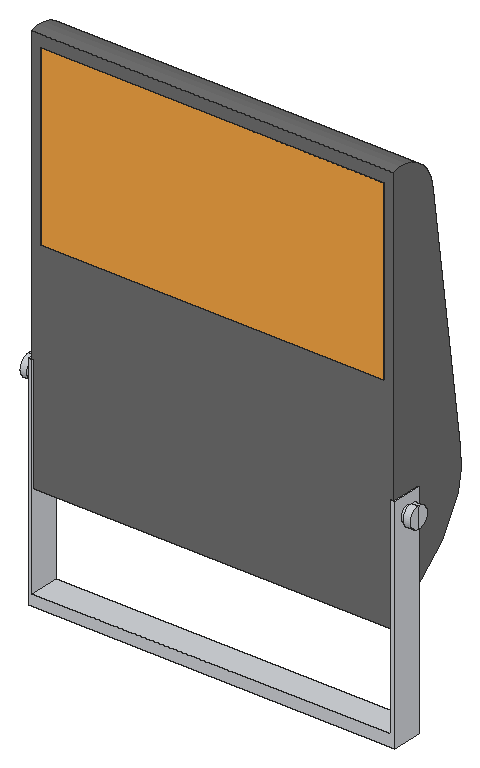
Revit family "Lighting-Floodlights-GEWISS-ELIA-FL-LED_FLOODLIGHTS", category Apparecchi per illuminazione, host Superficie, Revit 2019
Family settings
  Host = Superficie
  Quota connettore circolare = Usa diametro
  Tipo di parte = Normale
  Taglio con vuoti quando caricato = No
  Sorgente d'illuminazione = Sì
  Condiviso = No
  Punto di calcolo locali = Sì
Parameters (values of type "GWF1101VH840 - ELIA FL XL2 60° 40K S.ALONE DALI CRI80")
  larghezza lampada = Lugnezza massima - 24 mm  # 309 mm
  corpo centrale = corpo centrale
  Working temperature = "-30° +50°"
  Weight (kg): = "6,3"
  Weight (kg) = "6,3"
  Wattage = 9.2903 W
  Warranty = "5 years"
  Voltage = "220-240 V "
  Visibilità etichetta [instance] = yes
  Visibilità simbolo [instance] = yes
  Visibilità lampada in pianta [instance] = yes
  Version file RFA = "20.0"
  Variazione temperatura colore lampada con luminosità attenuata = (empty or 0)
  URL = "https://www.gewiss.com/ww/en"
  UGR: = ""
  Typology = "Ceiling - Wall mounted - Floor mounted"
  Type of light source = "LED - Not replaceable"
  Type of lamp = "LED"
  built-in parameter 1150107 = 3200 (stored number, unit not read)
  Technical sheet = "https://www.gewiss.com/ww/en/search?q=GWF1101VH840"
  System power = "200W"
  Spostamento_x_effettivo [instance] = 4000 mm - Spostamento_x  # 4000 mm
  Spostamento_x [instance] = 0 mm
  Spostamento_y_effettivo [instance] = 4000 mm - Spostamento_y  # 3300 mm
  Spostamento_y [instance] = 700 mm
  Shock resistance = "IK08"
  SEO = "Ceiling - Wall mounted - Floor mounted"
  SCHERMO LED = SCHERMO LED
  Realized by GEWISS S.p.A. = ""
  ROTAZIONE 90° [instance] = yes
  ROTAZIONE 45 [instance] = no
  ROTAZIONE 180 [instance] = no
  ROTAZIONE [instance] = 45
  built-in parameter 1150110 = 1 (stored number, unit not read)
  built-in parameter 1150109 = 1 (stored number, unit not read)
  built-in parameter 1114218 = 1 (stored number, unit not read)
  built-in parameter 1150112 = 1 (stored number, unit not read)
  POSIZIONE = 80000  # constant formula
  Optic = "60°"
  Operating temperature: = "-30° +50°"
  built-in parameter 1150142 = (empty or 0)
  built-in parameter 1150137 = (empty or 0)
  built-in parameter 1150132 = (empty or 0)
  Luminous flux in emerg. [lm] = ""
  Lumen output (lm) = "27100"
  Lugnezza massima = 333 mm
  Lamp = "LED"
  LED Life time (L80B50) = "L80 B50 (Tq25°) = 50.000h"
  built-in parameter 1150105 = 109.82 (stored number, unit not read)
  built-in parameter 1150102 = (empty or 0)
  Insulation class = "I"
  Installation = "Ceiling - Wall mounted - Floor mounted"
  built-in parameter 1150106 = 1.0982 (stored number, unit not read)
  Default Elevation = 1219.2 mm
  Produttore = "GEWISS S.p.A."
  Nome quadro [instance] = "330W"
  Modello = "GWF1101VH840"
  Immagine tipo = ELIA_FL.jpg
  IP degree = "IP66"
  IDT = "08d4067e-aa8b-4311-88ca-8e9b92cfb5d6"
  IDF = "9d762338-a2cc-40c3-b8d8-06a156f47047"
  Lumens = 1380 lm
  Color Filter = 16777215
  File diagramma fotometrico = "generic"
  built-in parameter 1114217 = 1 (stored number, unit not read)
  built-in parameter 1150139 = (empty or 0)
  Emit from Line Length = 609.6 mm
  Electrocod = ""
  Efficiency class of integrated LEDs = ""
  built-in parameter 1150104 = 13.8 (stored number, unit not read)
  EAN code = ""
  Driver type = ""
  Distanza dal host [instance] = 0 mm
  built-in parameter 1150115 = 1 (stored number, unit not read)
  built-in parameter 1150114 = 1 (stored number, unit not read)
  built-in parameter 1150113 = 1 (stored number, unit not read)
  Dimensions (mm) = "Standard"
  Description = "ELIA FL XL2 60° 40K S.ALONE DALI CRI80"
  Colour temperature: = "4000K"
  Colour temperature = "4000K"
  Colour = "Black"
  built-in parameter 1150134 = 3
  built-in parameter 1150138 = (empty or 0)
  Catalogue Range = "ELIA FL"
  Catalogue = "LIGHTING"
  COBie.Tagnumber = ""
  COBie.CreatedOn = ""
  COBie.CreatebBy = ""
  COBie.ComponentRegisterItemID = ""
  COBie.Component.TagNumber = ""
  COBie.Component.Space = ""
  COBie.Component.SerialNumber = ""
  COBie.Component.InstallationDate = ""
  COBie.Component.Description = ""
  COBie.Component.BarCode = ""
  BORDO = BORDO
  Application = "Indoor / Outdoor"
  Tilt Angle = 60.00°
  built-in parameter 1150133 = 10 (stored number, unit not read)
Types (21, lengths in mm): name | Weight (kg): | Weight (kg) | Voltage | Variazione temperatura colore lampada con luminosità attenuata | Technical sheet | System power | Optic | built-in parameter 1150142 | Lumen output (lm) | Modello | IDT | File diagramma fotometrico | Description
  GWF1101QF840 - ELIA FL L2 30° 40K S.ALONE DALI CRI80 | "4,5" | "4,5" | "220-240 V " | (empty or 0) | "https://www.gewiss.com/ww/en/search?q=GWF1101QF840" | "150W" | "30°" | (empty or 0) | "19900" | "GWF1101QF840" | "367e2f34-7e4c-4817-9a39-466d26065c96" | "generic" | "ELIA FL L2 30° 40K S.ALONE DALI CRI80"
  GWF1100QF840 - ELIA FL L2 30° 40K S.ALONE ON/OFF CRI80 | "4,5" | "4,5" | "100-240 V " | (empty or 0) | "https://www.gewiss.com/ww/en/search?q=GWF1100QF840" | "150W" | "30°" | (empty or 0) | "19900" | "GWF1100QF840" | "d267a62e-1b8e-4435-86cd-51657c60921d" | "generic" | "ELIA FL L2 30° 40K S.ALONE ON/OFF CRI80"
  GWF1101QH840 - ELIA FL L2 60° 40K S.ALONE DALI CRI80 | "4,5" | "4,5" | "220-240 V " | (empty or 0) | "https://www.gewiss.com/ww/en/search?q=GWF1101QH840" | "150W" | "60°" | (empty or 0) | "20400" | "GWF1101QH840" | "f5c45042-fc2a-404f-9454-9960ac2dadf8" | "generic" | "ELIA FL L2 60° 40K S.ALONE DALI CRI80"
  GWF1100QH840 - ELIA FL L2 60° 40K S.ALONE ON/OFF CRI80 | "4,5" | "4,5" | "100-240 V " | (empty or 0) | "https://www.gewiss.com/ww/en/search?q=GWF1100QH840" | "150W" | "60°" | (empty or 0) | "20400" | "GWF1100QH840" | "736a9896-0f9f-407e-aa43-3249926a8169" | "generic" | "ELIA FL L2 60° 40K S.ALONE ON/OFF CRI80"
  GWF1101QC840 - ELIA FL L2 AS 40K S.ALONE DALI CRI80 | "4,5" | "4,5" | "220-240 V " | <Nessuno> | "https://www.gewiss.com/ww/en/search?q=GWF1101QC840" | "150W" | "Asymmetrical" | (empty or 0) | "19600" | "GWF1101QC840" | "4dff8ad4-19cf-4301-b258-840ff07e9c6c" | "generic" | "ELIA FL L2 AS 40K S.ALONE DALI CRI80"
  GWF1100QC840 - ELIA FL L2 AS 40K S.ALONE ON/OFF CRI80 | "4,5" | "4,5" | "100-240 V " | <Nessuno> | "https://www.gewiss.com/ww/en/search?q=GWF1100QC840" | "150W" | "Asymmetrical" | (empty or 0) | "19600" | "GWF1100QC840" | "8453b747-ab64-462d-95c5-5f5a6b816301" | "generic" | "ELIA FL L2 AS 40K S.ALONE ON/OFF CRI80"
  GWF1101MF840 - ELIA FL M2 30° 40K S.ALONE DALI CRI80 | "3,9" | "3,9" | "220-240 V " | (empty or 0) | "https://www.gewiss.com/ww/en/search?q=GWF1101MF840" | "100W" | "30°" | (empty or 0) | "13400" | "GWF1101MF840" | "fe9dc423-a435-4442-97b4-d584315ac301" | "generic" | "ELIA FL M2 30° 40K S.ALONE DALI CRI80"
  GWF1100MF840 - ELIA FL M2 30° 40K S.ALONE ON/OFFCRI80 | "3,9" | "3,9" | "100-240 V " | (empty or 0) | "https://www.gewiss.com/ww/en/search?q=GWF1100MF840" | "100W" | "30°" | (empty or 0) | "13400" | "GWF1100MF840" | "7a9137ef-ea08-4c6c-ad39-45b1af0a12e7" | "generic" | "ELIA FL M2 30° 40K S.ALONE ON/OFFCRI80"
  GWF1101MH840 - ELIA FL M2 60° 40K S.ALONE DALI CRI80 | "3,9" | "3,9" | "220-240 V " | (empty or 0) | "https://www.gewiss.com/ww/en/search?q=GWF1101MH840" | "100W" | "60°" | (empty or 0) | "13400" | "GWF1101MH840" | "f38e1005-16fa-4907-8d91-49da337aeaa2" | "generic" | "ELIA FL M2 60° 40K S.ALONE DALI CRI80"
  GWF1100MH840 - ELIA FL M2 60° 40K S.ALONE ON/OFF CRI80 | "3,9" | "3,9" | "100-240 V " | (empty or 0) | "https://www.gewiss.com/ww/en/search?q=GWF1100MH840" | "100W" | "60°" | (empty or 0) | "13400" | "GWF1100MH840" | "f0014ff8-233d-45b7-a930-9b30d38dd0bc" | "generic" | "ELIA FL M2 60° 40K S.ALONE ON/OFF CRI80"
  GWF1101MC840 - ELIA FL M2 AS 40K S.ALONE DALI CRI80 | "3,9" | "3,9" | "220-240 V " | <Nessuno> | "https://www.gewiss.com/ww/en/search?q=GWF1101MC840" | "100W" | "Asymmetrical" | (empty or 0) | "13000" | "GWF1101MC840" | "d91a0c63-ae14-4639-ad6b-f02e7c364fec" | "generic" | "ELIA FL M2 AS 40K S.ALONE DALI CRI80"
  GWF1100MC840 - ELIA FL M2 AS 40K S.ALONE ON/OFFCRI80 | "3,9" | "3,9" | "100-240 V " | <Nessuno> | "https://www.gewiss.com/ww/en/search?q=GWF1100MC840" | "100W" | "Asymmetrical" | (empty or 0) | "13000" | "GWF1100MC840" | "736a89dc-2de5-4f0d-9b8c-faa0e4425d76" | "generic" | "ELIA FL M2 AS 40K S.ALONE ON/OFFCRI80"
  GWF1100GF840 - ELIA FL S2 30° 40K S.ALONE ON/OFF CRI80 | "2,6" | "2,6" | "100-240 V " | (empty or 0) | "https://www.gewiss.com/ww/en/search?q=GWF1100GF840" | "50W" | "30°" | (empty or 0) | "6600" | "GWF1100GF840" | "642770cb-14ce-48c6-a5e7-d28395466468" | "generic" | "ELIA FL S2 30° 40K S.ALONE ON/OFF CRI80"
  GWF1100GH840 - ELIA FL S2 60° 40K S.ALONE ON/OFF CRI80 | "2,6" | "2,6" | "100-240 V " | (empty or 0) | "https://www.gewiss.com/ww/en/search?q=GWF1100GH840" | "50W" | "60°" | (empty or 0) | "6600" | "GWF1100GH840" | "0d6f3a5d-91fb-40b6-bcf7-3fe0132917fa" | "generic" | "ELIA FL S2 60° 40K S.ALONE ON/OFF CRI80"
  GWF1100GC840 - ELIA FL S2 AS 40K S.ALONE ON/OFF CRI80 | "2,6" | "2,6" | "100-240 V " | <Nessuno> | "https://www.gewiss.com/ww/en/search?q=GWF1100GC840" | "50W" | "Asymmetrical" | "IESNA:LM-63-1995\r\n[LUMINAIRE] kronz light <kronz>\r\nTILT=NONE\r\n1\r\n1257.000000\r\n1.0\r\n2\r\n1\r\n1\r\n1\r\n0 0 0\r\n1.0 1.0 100.000000\r\n0.000 180.000 \r\n0.000 \r\n100.000 100.000 \r\n" | "6600" | "GWF1100GC840" | "91c36c3d-65a0-476a-85c0-37759d84a28b" | "generic.ies" | "ELIA FL S2 AS 40K S.ALONE ON/OFF CRI80"
  GWF1101VF840 - ELIA FL XL2 30° 40K S.ALONE DALI CRI80 | "6,3" | "6,3" | "220-240 V " | (empty or 0) | "https://www.gewiss.com/ww/en/search?q=GWF1101VF840" | "200W" | "30°" | (empty or 0) | "26600" | "GWF1101VF840" | "4404ac7d-f898-4bd8-b400-6c8713d21df9" | "generic" | "ELIA FL XL2 30° 40K S.ALONE DALI CRI80"
  GWF1100VF840 - ELIA FL XL2 30° 40K S.ALONE ON/OFF CRI80 | "6,3" | "6,3" | "100-240 V " | (empty or 0) | "https://www.gewiss.com/ww/en/search?q=GWF1100VF840" | "200W" | "30°" | (empty or 0) | "26600" | "GWF1100VF840" | "83ec5c55-1f8f-4d97-b5b8-6a661a005f86" | "generic" | "ELIA FL XL2 30° 40K S.ALONE ON/OFF CRI80"
  GWF1101VH840 - ELIA FL XL2 60° 40K S.ALONE DALI CRI80 | "6,3" | "6,3" | "220-240 V " | (empty or 0) | "https://www.gewiss.com/ww/en/search?q=GWF1101VH840" | "200W" | "60°" | (empty or 0) | "27100" | "GWF1101VH840" | "08d4067e-aa8b-4311-88ca-8e9b92cfb5d6" | "generic" | "ELIA FL XL2 60° 40K S.ALONE DALI CRI80"
  GWF1100VH840 - ELIA FL XL2 60° 40K S.ALONE ON/OFF CRI80 | "6,3" | "6,3" | "100-240 V " | (empty or 0) | "https://www.gewiss.com/ww/en/search?q=GWF1100VH840" | "200W" | "60°" | (empty or 0) | "27100" | "GWF1100VH840" | "7e89fb8a-4393-4570-9a10-d013bbe7f011" | "generic" | "ELIA FL XL2 60° 40K S.ALONE ON/OFF CRI80"
  GWF1101VC840 - ELIA FL XL2 AS 40K S.ALONE DALI CRI80 | "6,3" | "6,3" | "220-240 V " | <Nessuno> | "https://www.gewiss.com/ww/en/search?q=GWF1101VC840" | "200W" | "Asymmetrical" | (empty or 0) | "26000" | "GWF1101VC840" | "47ddd9c0-11b9-4947-bdc6-7290dd762a16" | "generic" | "ELIA FL XL2 AS 40K S.ALONE DALI CRI80"
  GWF1100VC840 - ELIA FL XL2 AS 40K S.ALONE ON/OFF CRI80 | "6,3" | "6,3" | "100-240 V " | <Nessuno> | "https://www.gewiss.com/ww/en/search?q=GWF1100VC840" | "200W" | "Asymmetrical" | (empty or 0) | "26000" | "GWF1100VC840" | "bafdcd8b-a7af-4b04-8dc2-ac79d390151f" | "generic" | "ELIA FL XL2 AS 40K S.ALONE ON/OFF CRI80"
Reference planes
  plane 1 "Centro (Fronte/Retro)": y = 0
  plane 2: z = 0
  plane 3 "Centro (Sinistra/Destra)": x = 0
  plane 4: x = -4000
  plane 5: x = 0
  plane 6: x = 0
  plane 7: z = 1200
  plane 8: y = -4000
  plane 9: y = -700
  plane 10: x = -484.286
  plane 11: y = -410.182
  plane 12: x = 484.286
  plane 13: y = 410.182
  plane 14: z = -80
  plane 15 "a": through (0, -290.182, 34.975) normal (0, -0.7071, 0.7071)
  plane 16: x = -166.5
  plane 17: x = 166.5
  plane 18: through (-235.047, -128.222, 1219.2) normal (-0.9563, 0.2924, 0)
  plane 19: through (-40, -89.462, 1219.2) normal (0.1564, 0.9877, 0)
  plane 20: through (239.503, 190.64, 1219.2) normal (0.9563, -0.2924, 0)
Lines and regions (mm)
  reference lines
    curve 1: line (-365.742, 0, 34.975) -> (143.375, 0, 544.092)
    curve 2: line (-206.5, 0, 174.371) -> (213.5, 0, 174.371)
    curve 3: line (0, 243.036, 174.371) -> (0, -271.964, 174.371)
Dimensions and locks
  plane 4 to plane 3 "Centro (Sinistra/Destra)" = 4000 mm  (x2)
  "Spostamento_x_effettivo": plane 4 to plane 5
  "Spostamento_x_effettivo": plane 6 to plane 4
  plane 7 to plane 2 = 1200 mm
  "Spostamento_y_effettivo": plane 9 to plane 8
  plane 1 "Centro (Fronte/Retro)" to plane 8 = 4000 mm
  equal spacing: plane 10, plane 3 "Centro (Sinistra/Destra)", plane 12
  equal spacing: plane 13, plane 1 "Centro (Fronte/Retro)", plane 11
  locked: level to plane 14 at 80
  plane 10 to plane 12 = 968.572 mm
  plane 13 to plane 11 = 820.364 mm
  equal spacing: plane 17, imposter light, plane 16
  "Lugnezza massima": plane 17 to plane 16
  angle host face to curve 1 = 45.00°
  angle plane 19 to plane 20 = 82.00°  (x2)
  angle plane 18 to plane 19 = 98.00°
  aligned and locked: plane 2 to host face
  aligned and locked: level to host face
  aligned and locked: plane 6 to nested 1
  aligned and locked: nested 1 to plane 9
  aligned and locked: plane 6 to nested 2
  aligned and locked: imposter light to nested 2
  aligned and locked: imposter light to nested 4
Automatic sketch dimensions
  host sketch curve to host sketch curve = 2438.4 mm  (x2)
  level to curve 1 = 34.975 mm
  plane 10 to curve 1 = 118.544 mm
  curve 2 to plane 3 "Centro (Sinistra/Destra)" = 206.5 mm
  plane 3 "Centro (Sinistra/Destra)" to curve 2 = 213.5 mm
  level to curve 2 = 174.371 mm
  plane 11 to curve 3 = 138.218 mm
  level to curve 3 = 174.371 mm
  curve 3 to plane 13 = 167.146 mm
Nested families
  nested 1: "Etichetta light" at (0, -700, 0), visible <- "Visibilità etichetta", type "Etichetta light"
  nested 2: "base_ELIA FL" at (0, 168.505, 277.908) x (1, 0, 0) z (0, -1, 0), visible <- "ROTAZIONE 90°", type "base_ELIA FL"
    with Larghezza_lampada 309 mm
  nested 3: "base_staffa_ELIA FL" at (0, 0, 0), type "base_staffa_ELIA FL"
  nested 4: "aaabase_ELIA FL" at (0, 103.538, 3.902), visible <- "ROTAZIONE 180", type "aaabase_ELIA FL"
    with Larghezza_lampada 309 mm
  nested 5: "aaabase_ELIA FL" at (0, 193.752, 127.043) x (1, 0, 0) z (0, -0.7071, 0.7071), visible <- "ROTAZIONE 45", type "aaabase_ELIA FL"
    with Larghezza_lampada 309 mm
Definition of nested family "base_ELIA FL"
  Parameters (values of type "base_ELIA FL")
    scocca = none
    led = none
    Spessore = 78 mm
    Default Elevation = 1219.2 mm
    Larghezza_lampada = 295 mm
    Altezza scocca = 188 mm
    Altezza lente = 162 mm
  Reference planes
    plane 1 "Centro (Fronte/Retro)": y = 0
    plane 2: z = 0
    plane 3 "Centro (Sinistra/Destra)": x = 0
    plane 4: x = -147.5
    plane 5: y = -193
    plane 6: x = 147.5
    plane 7: y = 170
    plane 8: x = -139.5
    plane 9: y = 162
    plane 10: y = -188
    plane 11: x = 139.5
    plane 12: z = 102.469
    plane 13: z = 180.469
    plane 14: y = 150.884
    plane 15: z = 153.363
    plane 16: z = 174.172
    plane 17 "az": y = -103.538
  Forms (mm)
    Extrusion 1, solid, material <- "scocca"
      sketch origin (0, 0, 0) x (1, 0, 0) y (0, 1, 0)
        loop
          line (-147.5, 170) -> (-147.5, -193) -> (147.5, -193) -> (147.5, 170) -> (-147.5, 170)
      from 102.469 to 180.469
    Extrusion 2, void
      sketch origin (0, 0, 0) x (0, 1, 0) y (0, 0, 1)
        loop
          arc (161.482, 180.469) -> (155.647, 151.842) -> (129.481, 138.847) r 33.282
          line (129.481, 138.847) -> (-78.476, 109.621)
          arc (-78.476, 109.621) -> (-96.196, 108.957) -> (-113.682, 111.905) r 86.896
          line (-113.682, 111.905) -> (-143.225, 128.962) -> (-188, 180.469) -> (-193, 180.469) -> (-193, 102.469) -> (170, 102.469) -> (170, 180.469) -> (161.482, 180.469)
      from -147.5 to 147.5
    Extrusion 3, void
      sketch origin (0, 0, 0) x (1, 0, 0) y (0, 1, 0)
        loop
          line (-139.5, 150.884) -> (-139.5, 0) -> (139.5, 0) -> (139.5, 150.884) -> (-139.5, 150.884)
      from 153.363 to 180.469
    Extrusion 4, solid, material <- "led"
      sketch origin (0, 0, 0) x (1, 0, 0) y (0, 1, 0)
        loop
          line (-139.5, 150.884) -> (-139.5, 0) -> (139.5, 0) -> (139.5, 150.884) -> (-139.5, 150.884)
      from 174.172 to 180.469
  Cuts and joins
    Extrusion 2, Extrusion 3 cuts Extrusion 1
  Lines and regions (mm)
    symbolic lines
      curve 1: line (-204.237, -103.538, 0) -> (190.763, -103.538, 0)
      curve 2: line (0, -86.263, 164.172) -> (0, -126.263, 164.172)
  Dimensions and locks
    locked: plane 7 to plane 9 at 8
    locked: plane 4 to plane 8 at 8
    locked: plane 10 to plane 5 at 5
    locked: plane 11 to plane 6 at 8
    equal spacing: plane 4, plane 3 "Centro (Sinistra/Destra)", plane 6
    "Altezza lente": plane 1 "Centro (Fronte/Retro)" to plane 9
    "Altezza scocca": plane 10 to plane 1 "Centro (Fronte/Retro)"
    "Larghezza_lampada": plane 4 to plane 6
    plane 1 "Centro (Fronte/Retro)" to plane 7 = 170 mm
    "Spessore": plane 13 to plane 12
    locked: plane 9 to plane 14 at 11.116
    locked: plane 13 to plane 15 at 27.106
    locked: plane 15 to plane 16 at 20.809
    locked: plane 17 "az" to plane 5 at 89.462
    radius of Extrusion 2 sketch curve = 33.282 mm
    aligned and locked: level to plane 2
    aligned and locked: Extrusion 1 sketch curve to plane 7
    aligned and locked: Extrusion 1 sketch curve to plane 6
    aligned and locked: Extrusion 1 sketch curve to plane 5
    aligned and locked: Extrusion 1 sketch curve to plane 4
    aligned and locked: Extrusion 1 to plane 12
    aligned and locked: plane 13 to Extrusion 1
    aligned and locked: Extrusion 2 sketch curve to plane 13  (x2)
    aligned and locked: Extrusion 2 sketch curve to plane 5
    aligned and locked: Extrusion 2 sketch curve to plane 7
    aligned and locked: Extrusion 2 sketch curve to plane 12
    aligned and locked: Extrusion 2 to plane 4
    aligned and locked: Extrusion 2 to plane 6
    aligned and locked: Extrusion 3 sketch curve to plane 8
    aligned and locked: Extrusion 3 sketch curve to plane 14
    aligned and locked: Extrusion 3 sketch curve to plane 11
    aligned and locked: Extrusion 3 sketch curve to plane 1 "Centro (Fronte/Retro)"
    aligned and locked: plane 15 to Extrusion 3
    aligned and locked: plane 13 to Extrusion 3
    aligned and locked: Extrusion 4 sketch curve to plane 8
    aligned and locked: Extrusion 4 sketch curve to plane 14
    aligned and locked: Extrusion 4 sketch curve to plane 11
    aligned and locked: Extrusion 4 sketch curve to plane 1 "Centro (Fronte/Retro)"
    aligned and locked: plane 13 to Extrusion 4
    aligned and locked: plane 16 to Extrusion 4
    aligned and locked: curve 1 to plane 17 "az"
  Automatic sketch dimensions
    Extrusion 2 sketch curve to plane 9 = 0.518 mm
    Extrusion 2 sketch curve to plane 13 = 8.341 mm
    Extrusion 2 sketch curve to plane 9 = 32.519 mm
    plane 12 to Extrusion 2 sketch curve = 26.493 mm
    plane 12 to Extrusion 2 sketch curve = 9.436 mm
    Extrusion 2 sketch curve to Extrusion 2 sketch curve = 29.543 mm
    plane 12 to Extrusion 2 sketch curve = 7.151 mm
    Extrusion 2 sketch curve to Extrusion 2 sketch curve = 35.206 mm
    Extrusion 2 sketch curve to Extrusion 2 sketch curve = 15.202 mm
    plane 10 to Extrusion 2 sketch curve = 44.775 mm
    Extrusion 2 sketch curve to plane 10 = 0 mm
    curve 1 to plane 4 = 56.737 mm
    curve 1 to plane 6 = 43.263 mm
    plane 16 to curve 2 = 10 mm
    curve 2 to plane 17 "az" = 22.726 mm
    plane 17 "az" to curve 2 = 17.274 mm
Definition of nested family "base_staffa_ELIA FL"
  Parameters (values of type "base_staffa_ELIA FL")
    sp_staffa = 25.613 mm
    larghezza staffa = 333 mm
    h_pomello = 174.371 mm
  Reference planes
    plane 1 "Centro (Fronte/Retro)": y = 0
    plane 2: z = 0
    plane 3 "Centro (Sinistra/Destra)": x = 0
    plane 4: x = -153.123
    plane 5: x = -156.123
    plane 6: x = 156.4
    plane 7: x = 153.396
    plane 8: x = -166.5
    plane 9: x = 166.5
    plane 10: y = 183.552
    plane 11: y = 12.806
    plane 12: z = 174.371
    plane 13: z = 9.756
    plane 14: y = -12.806
    plane 15: x = -160.669
    plane 16: z = 188.64
    plane 17: x = 160.669
  Forms (mm)
    Extrusion 1, solid
      sketch origin (0, 0, 0) x (1, 0, 0) y (0, 0, 1)
        loop
          line (-153.123, 188.64) -> (-156.123, 188.64) -> (-156.123, 0) -> (156.4, 0) -> (156.4, 188.64) -> (153.396, 188.64) -> (153.396, 9.756) -> (-153.123, 9.756) -> (-153.123, 188.64)
      from -12.806 to 12.806
    Revolve 2, solid
      sketch origin (0, 0, 0) x (1, 0, 0) y (0, 0, 1)
        loop
          line (-166.5, 174.371) -> (-160.669, 174.371) -> (-160.669, 183.178) -> (-166.5, 183.178) -> (-166.5, 174.371)
        axis (-160.669, 174.371) -> (-166.5, 174.371)
      angle from 0 to 360
    Revolve 3, solid
      sketch origin (0, 0, 0) x (1, 0, 0) y (0, 0, 1)
        loop
          line (-156.123, 174.371) -> (-156.123, 180.96) -> (-160.669, 180.96) -> (-160.669, 174.371) -> (-156.123, 174.371)
        axis (-156.123, 174.371) -> (-160.669, 174.371)
      angle from 0 to 360
    Revolve 4, solid
      sketch origin (0, 0, 0) x (-1, 0, 0) y (0, 0, 1)
        loop
          line (-166.5, 174.371) -> (-160.669, 174.371) -> (-160.669, 183.178) -> (-166.5, 183.178) -> (-166.5, 174.371)
        axis (-160.669, 174.371) -> (-166.5, 174.371)
      angle from 0 to 360
    Revolve 5, solid
      sketch origin (0, 0, 0) x (-1, 0, 0) y (0, 0, 1)
        loop
          line (-156.4, 174.371) -> (-156.4, 180.96) -> (-160.669, 180.96) -> (-160.669, 174.371) -> (-156.4, 174.371)
        axis (-156.4, 174.371) -> (-160.669, 174.371)
      angle from 0 to 360
  Lines and regions (mm)
    symbolic lines
      curve 1: line (-206.5, 0, 174.371) -> (213.5, 0, 174.371)
  Dimensions and locks
    locked: plane 5 to plane 4 at 3
    locked: plane 7 to plane 6 at 3.004
    locked: plane 8 to plane 5 at 10.377
    locked: plane 6 to plane 9 at 10.1
    equal spacing: plane 8, plane 3 "Centro (Sinistra/Destra)", plane 9
    "larghezza staffa": plane 8 to plane 9
    "h_pomello": plane 12 to level
    equal spacing: plane 11, plane 1 "Centro (Fronte/Retro)", plane 14
    "sp_staffa": plane 11 to plane 14
    locked: plane 13 to level at 9.756
    locked: plane 15 to plane 8 at 5.831
    locked: plane 16 to plane 12 at 14.269
    locked: plane 17 to plane 9 at 5.831
    aligned and locked: level to plane 2
    aligned and locked: Extrusion 1 sketch curve to plane 4
    aligned and locked: Extrusion 1 sketch curve to plane 5
    aligned and locked: Extrusion 1 sketch curve to level
    aligned and locked: Extrusion 1 sketch curve to plane 13
    aligned and locked: Extrusion 1 sketch curve to plane 7
    aligned and locked: Extrusion 1 sketch curve to plane 6
    aligned and locked: plane 11 to Extrusion 1
    aligned and locked: Extrusion 1 to plane 14
    aligned and locked: Revolve 2 sketch curve to plane 12
    aligned and locked: Revolve 2 sketch curve to plane 8
    aligned and locked: plane 15 to Revolve 2 sketch curve
    aligned and locked: Revolve 3 sketch curve to plane 15
    aligned and locked: Revolve 3 sketch curve to plane 12
    aligned and locked: Extrusion 1 sketch curve to plane 16
    aligned and locked: plane 16 to Extrusion 1 sketch curve
    aligned and locked: Revolve 3 to plane 5
    aligned and locked: Revolve 5 to plane 6
    aligned and locked: Revolve 4 to plane 17
    aligned and locked: plane 17 to Revolve 5
    aligned and locked: Revolve 4 to plane 9
    aligned and locked: curve 1 to plane 12
  Automatic sketch dimensions
    Revolve 2 sketch curve to plane 12 = 0 mm
    Revolve 2 sketch curve to plane 15 = 0 mm
    Revolve 2 sketch curve to plane 16 = 5.461 mm
    Revolve 2 sketch curve to plane 8 = 3.724 mm
    Revolve 3 sketch curve to plane 12 = 0 mm
    Revolve 3 sketch curve to plane 5 = 0 mm
    Revolve 3 sketch curve to Revolve 3 sketch curve = 6.589 mm
    plane 8 to Revolve 3 sketch curve = 1.744 mm
    Revolve 3 sketch curve to Revolve 3 sketch curve = 1.813 mm
    Revolve 4 sketch curve to plane 12 = 0 mm  (x2)
    Revolve 4 sketch curve to plane 9 = 0 mm
    plane 17 to Revolve 4 sketch curve = 0 mm  (x2)
    plane 16 to Revolve 4 sketch curve = 5.461 mm
    Revolve 4 sketch curve to plane 9 = 3.724 mm
    Revolve 5 sketch curve to plane 12 = 0 mm  (x2)
    plane 17 to Revolve 5 sketch curve = 0 mm
    plane 6 to Revolve 5 sketch curve = 0 mm
    Revolve 5 sketch curve to Revolve 5 sketch curve = 6.589 mm
    plane 9 to Revolve 5 sketch curve = 1.744 mm
    Revolve 5 sketch curve to plane 6 = 1.536 mm
    curve 1 to plane 8 = 40 mm
    plane 9 to curve 1 = 47 mm
Definition of nested family "aaabase_ELIA FL"
  Parameters (values of type "aaabase_ELIA FL")
    scocca = none
    led = none
    Spessore = 78 mm
    Default Elevation = 1219.2 mm
    Larghezza_lampada = 295 mm
    Altezza scocca = 188 mm
    Altezza lente = 162 mm
  Reference planes
    plane 1 "Centro (Fronte/Retro)": y = 0
    plane 2: z = 0
    plane 3 "Centro (Sinistra/Destra)": x = 0
    plane 4: x = -147.5
    plane 5: y = -193
    plane 6: x = 147.5
    plane 7: y = 170
    plane 8: x = -139.5
    plane 9: y = 162
    plane 10: y = -188
    plane 11: x = 139.5
    plane 12: z = 102.469
    plane 13: z = 180.469
    plane 14: y = 150.884
    plane 15: z = 153.363
    plane 16: z = 174.172
    plane 17: y = -103.538
  Forms (mm)
    Extrusion 1, solid, material <- "scocca"
      sketch origin (0, 0, 0) x (1, 0, 0) y (0, 1, 0)
        loop
          line (-147.5, 170) -> (-147.5, -193) -> (147.5, -193) -> (147.5, 170) -> (-147.5, 170)
      from 102.469 to 180.469
    Extrusion 2, void
      sketch origin (0, 0, 0) x (0, 1, 0) y (0, 0, 1)
        loop
          arc (161.482, 180.469) -> (155.647, 151.842) -> (129.481, 138.847) r 33.282
          line (129.481, 138.847) -> (-78.476, 109.621)
          arc (-78.476, 109.621) -> (-96.196, 108.957) -> (-113.682, 111.905) r 86.896
          line (-113.682, 111.905) -> (-143.225, 128.962) -> (-188, 180.469) -> (-193, 180.469) -> (-193, 102.469) -> (170, 102.469) -> (170, 180.469) -> (161.482, 180.469)
      from -147.5 to 147.5
    Extrusion 3, void
      sketch origin (0, 0, 0) x (1, 0, 0) y (0, 1, 0)
        loop
          line (-139.5, 150.884) -> (-139.5, 0) -> (139.5, 0) -> (139.5, 150.884) -> (-139.5, 150.884)
      from 153.363 to 180.469
    Extrusion 4, solid, material <- "led"
      sketch origin (0, 0, 0) x (1, 0, 0) y (0, 1, 0)
        loop
          line (-139.5, 150.884) -> (-139.5, 0) -> (139.5, 0) -> (139.5, 150.884) -> (-139.5, 150.884)
      from 174.172 to 180.469
  Cuts and joins
    Extrusion 2, Extrusion 3 cuts Extrusion 1
  Lines and regions (mm)
    symbolic lines
      curve 1: line (-204.237, -103.538, 0) -> (190.763, -103.538, 0)
    model lines
      curve 2: line (0, -103.538, 180.469) -> (0, -103.538, 160.469)
      curve 3: line (0, -98.538, 170.469) -> (0, -113.538, 170.469)
  Dimensions and locks
    locked: plane 7 to plane 9 at 8
    locked: plane 4 to plane 8 at 8
    locked: plane 10 to plane 5 at 5
    locked: plane 11 to plane 6 at 8
    equal spacing: plane 4, plane 3 "Centro (Sinistra/Destra)", plane 6
    "Altezza lente": plane 1 "Centro (Fronte/Retro)" to plane 9
    "Altezza scocca": plane 10 to plane 1 "Centro (Fronte/Retro)"
    "Larghezza_lampada": plane 4 to plane 6
    plane 1 "Centro (Fronte/Retro)" to plane 7 = 170 mm
    "Spessore": plane 13 to plane 12
    locked: plane 9 to plane 14 at 11.116
    locked: plane 13 to plane 15 at 27.106
    locked: plane 15 to plane 16 at 20.809
    locked: plane 17 to plane 5 at 89.462
    radius of Extrusion 2 sketch curve = 33.282 mm
    aligned and locked: level to plane 2
    aligned and locked: Extrusion 1 sketch curve to plane 7
    aligned and locked: Extrusion 1 sketch curve to plane 6
    aligned and locked: Extrusion 1 sketch curve to plane 5
    aligned and locked: Extrusion 1 sketch curve to plane 4
    aligned and locked: Extrusion 1 to plane 12
    aligned and locked: plane 13 to Extrusion 1
    aligned and locked: Extrusion 2 sketch curve to plane 13  (x2)
    aligned and locked: Extrusion 2 sketch curve to plane 5
    aligned and locked: Extrusion 2 sketch curve to plane 7
    aligned and locked: Extrusion 2 sketch curve to plane 12
    aligned and locked: Extrusion 2 to plane 4
    aligned and locked: Extrusion 2 to plane 6
    aligned and locked: Extrusion 3 sketch curve to plane 8
    aligned and locked: Extrusion 3 sketch curve to plane 14
    aligned and locked: Extrusion 3 sketch curve to plane 11
    aligned and locked: Extrusion 3 sketch curve to plane 1 "Centro (Fronte/Retro)"
    aligned and locked: plane 15 to Extrusion 3
    aligned and locked: plane 13 to Extrusion 3
    aligned and locked: Extrusion 4 sketch curve to plane 8
    aligned and locked: Extrusion 4 sketch curve to plane 14
    aligned and locked: Extrusion 4 sketch curve to plane 11
    aligned and locked: Extrusion 4 sketch curve to plane 1 "Centro (Fronte/Retro)"
    aligned and locked: plane 13 to Extrusion 4
    aligned and locked: plane 16 to Extrusion 4
    aligned and locked: curve 1 to plane 17
  Automatic sketch dimensions
    Extrusion 2 sketch curve to plane 9 = 0.518 mm
    Extrusion 2 sketch curve to plane 13 = 8.341 mm
    Extrusion 2 sketch curve to plane 9 = 32.519 mm
    plane 12 to Extrusion 2 sketch curve = 26.493 mm
    plane 12 to Extrusion 2 sketch curve = 9.436 mm
    Extrusion 2 sketch curve to Extrusion 2 sketch curve = 29.543 mm
    plane 12 to Extrusion 2 sketch curve = 7.151 mm
    Extrusion 2 sketch curve to Extrusion 2 sketch curve = 35.206 mm
    Extrusion 2 sketch curve to Extrusion 2 sketch curve = 15.202 mm
    plane 10 to Extrusion 2 sketch curve = 44.775 mm
    Extrusion 2 sketch curve to plane 10 = 0 mm
    curve 1 to plane 4 = 56.737 mm
    curve 1 to plane 6 = 43.263 mm
    curve 2 to plane 17 = 0 mm
    curve 2 to plane 13 = 0 mm
    plane 16 to curve 3 = 3.703 mm
    curve 3 to plane 17 = 10 mm
    plane 17 to curve 3 = 5 mm
    curve 2 to plane 15 = 7.106 mm
Definition of nested family "Etichetta light"
  Parameters (values of type "ETICHETTA LIGHT")
    COMMENTI = "330W"
  Reference planes
    plane 1: y = 0
    plane 2: x = 0
  Text (mm)
    label "COMMENTI" at (-0.057, 0.105, 0), shows "COMMENTI"
